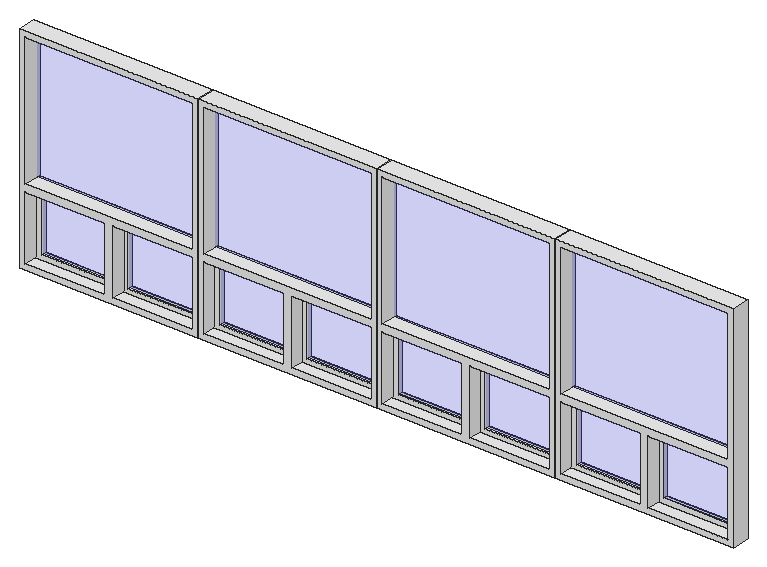
Revit family
Parameters (values of type "AW15")
  창 두께 = 150 mm
  창 패널 = AW14 창 패널
  창 프레임 = AW14 창 프레임
  폭 1 = Width / 4  # 1500 mm
  Height = 1800 mm
  절반 창 두께 = 창 두께 / 2  # 75 mm
  기본 씰 높이 = 900 mm
  Wall Closure = (empty or 0)
  Width = 6000 mm
Types (3, lengths in mm): name | Height
  (no name) | 1800
  AW14 | 1500
  AW15 | 1800
Reference planes
  plane 1: y = 0
  plane 2 "중심(왼쪽/오른쪽)": x = 0
  plane 3 "왼쪽": x = -3000
  plane 4 "오른쪽": x = 3000
  plane 5 "씰": z = 900
  plane 6 "헤드": z = 2700
  plane 7 "외부": y = 100
  plane 8 "내부": y = -100
  plane 9: y = 75
  plane 10: y = -75
  plane 11: y = 35
  plane 12: x = -2955
  plane 13: x = 2955
  plane 14: x = -2945
  plane 15: x = 2945
  plane 16: z = 1500
  plane 17: z = 1490
  plane 18: z = 1545
  plane 19: y = 55
  plane 20: y = 66
  plane 21: y = 44
  plane 22: y = -11
  plane 23: y = 11
  plane 24: x = -22.5
  plane 25: x = 22.5
  plane 26: x = -32.5
  plane 27: x = 32.5
  plane 28: x = -1500
  plane 29: x = 1500
  plane 30: x = -1532.5
  plane 31: x = -1467.5
  plane 32: x = -1522.5
  plane 33: x = -1477.5
  plane 34: x = 1467.5
  plane 35: x = 1532.5
  plane 36: x = 1477.5
  plane 37: x = 1522.5
  plane 38: x = 2250
  plane 39: x = 750
  plane 40: x = -750
  plane 41: x = -2250
  plane 42: x = -2282.5
  plane 43: x = -2217.5
  plane 44: x = -2272.5
  plane 45: x = -2227.5
  plane 46: x = -782.5
  plane 47: x = -717.5
  plane 48: x = -772.5
  plane 49: x = -727.5
  plane 50: x = 717.5
  plane 51: x = 782.5
  plane 52: x = 727.5
  plane 53: x = 772.5
  plane 54: x = 2217.5
  plane 55: x = 2282.5
  plane 56: x = 2227.5
  plane 57: x = 2272.5
  plane 58: x = 2625
  plane 59: x = 1875
  plane 60: x = 1125
  plane 61: x = 375
  plane 62: x = -375
  plane 63: x = -1125
  plane 64: x = -1875
  plane 65: x = -2625
Lines and regions (mm)
  symbolic lines
    curve 1: line (-3000, 75, 0) -> (3000, 75, 0)
    curve 2: line (-3000, -75, 0) -> (3000, -75, 0)
    curve 3: line (-3000, 100, 0) -> (-3000, -100, 0)
    curve 4: line (3000, 100, 0) -> (3000, -100, 0)
    curve 5: line (-1545, 75, 0) -> (-1545, -75, 0)
    curve 6: line (-1455, 75, 0) -> (-1455, -75, 0)
    curve 7: line (-45, 75, 0) -> (-45, -75, 0)
    curve 8: line (45, 75, 0) -> (45, -75, 0)
    curve 9: line (1455, 75, 0) -> (1455, -75, 0)
    curve 10: line (1545, 75, 0) -> (1545, -75, 0)
    curve 11: line (-3000, 0, 0) -> (-1545, 0, 0)
    curve 12: line (-1455, 0, 0) -> (-45, 0, 0)
    curve 13: line (45, 0, 0) -> (1455, 0, 0)
    curve 14: line (1545, 0, 0) -> (3000, 0, 0)
Text (mm)
  text "외부" at (-1963.203, 1332.353, 0), in view "참조 레벨"
  text "내부" at (-1981.466, -818.386, 0), in view "참조 레벨"
  text "외부" at (0, 923.751, 2943.296), in view "오른쪽"
  text "외부" at (0, 1040.484, 2685.409), in view "왼쪽"
Dimensions and locks
  equal spacing: plane 3 "왼쪽", plane 2 "중심(왼쪽/오른쪽)", plane 4 "오른쪽"
  "Width": plane 3 "왼쪽" to plane 4 "오른쪽"
  "Height": plane 5 "씰" to plane 6 "헤드"
  "기본 씰 높이": plane 5 "씰" to level
  locked: plane 7 "외부" to host wall at 0
  locked: plane 8 "내부" to host wall
  plane 17 to plane 16 to plane 18 = 10 mm locked, 45 mm locked
  plane 9 to plane 19 to plane 11 = 20 mm locked, 20 mm locked
  plane 20 to plane 19 to plane 21 = 11 mm locked, 11 mm locked
  plane 23 to host wall to plane 22 = 11 mm locked, 11 mm locked
  plane 3 "왼쪽" to plane 12 to plane 14 = 45 mm locked, 10 mm locked
  plane 15 to plane 13 to plane 4 "오른쪽" = 10 mm locked, 45 mm locked
  plane 24 to plane 2 "중심(왼쪽/오른쪽)" to plane 25 = 22.5 mm locked, 22.5 mm locked
  locked: plane 26 to plane 24 at 10
  locked: plane 25 to plane 27 at 10
  locked: plane 5 "씰" to plane 16 at 600
  equal spacing: plane 3 "왼쪽", plane 28, plane 2 "중심(왼쪽/오른쪽)"
  equal spacing: plane 2 "중심(왼쪽/오른쪽)", plane 29, plane 4 "오른쪽"
  plane 30 to plane 32 to plane 28 to plane 33 to plane 31 = 10 mm locked, 22.5 mm locked, 22.5 mm locked, 10 mm locked
  plane 34 to plane 36 to plane 29 to plane 37 to plane 35 = 10 mm locked, 22.5 mm locked, 22.5 mm locked, 10 mm locked
  equal spacing: plane 2 "중심(왼쪽/오른쪽)", plane 40, plane 28
  equal spacing: plane 28, plane 41, plane 3 "왼쪽"
  equal spacing: plane 29, plane 38, plane 4 "오른쪽"
  equal spacing: plane 2 "중심(왼쪽/오른쪽)", plane 39, plane 29
  plane 42 to plane 44 to plane 41 to plane 45 to plane 43 = 10 mm locked, 22.5 mm locked, 22.5 mm locked, 10 mm locked
  plane 46 to plane 48 to plane 40 to plane 49 to plane 47 = 10 mm locked, 22.5 mm locked, 22.5 mm locked, 10 mm locked
  plane 50 to plane 52 to plane 39 to plane 53 to plane 51 = 10 mm locked, 22.5 mm locked, 22.5 mm locked, 10 mm locked
  plane 54 to plane 56 to plane 38 to plane 57 to plane 55 = 10 mm locked, 22.5 mm locked, 22.5 mm locked, 10 mm locked
  equal spacing: plane 38, plane 58, plane 4 "오른쪽"
  equal spacing: plane 38, plane 59, plane 29
  equal spacing: plane 39, plane 60, plane 29
  equal spacing: plane 39, plane 61, plane 2 "중심(왼쪽/오른쪽)"
  equal spacing: plane 2 "중심(왼쪽/오른쪽)", plane 62, plane 40
  equal spacing: plane 40, plane 63, plane 28
  equal spacing: plane 41, plane 64, plane 28
  equal spacing: plane 41, plane 65, plane 3 "왼쪽"
  "절반 창 두께": plane 9 to host wall
  "절반 창 두께": plane 10 to host wall
  equal spacing: group 2, group 4, group 3, group 1
  equal spacing: group 1, group 3, group 4, group 2  (x2)
  aligned and locked: plane 4 "오른쪽" to nested 1
  aligned and locked: nested 1 to plane 5 "씰"
  aligned and locked: nested 2 to plane 5 "씰"
  aligned and locked: plane 28 to nested 4
  aligned and locked: plane 3 "왼쪽" to curve 1
  aligned and locked: plane 4 "오른쪽" to curve 1
  aligned and locked: curve 1 to plane 9
  aligned and locked: curve 2 to plane 10
  aligned and locked: curve 3 to plane 7 "외부"
  aligned and locked: curve 3 to plane 8 "내부"
  aligned and locked: plane 3 "왼쪽" to curve 3
  aligned and locked: plane 7 "외부" to curve 4
  aligned and locked: plane 8 "내부" to curve 4
  aligned and locked: plane 4 "오른쪽" to curve 4
  aligned and locked: plane 9 to curve 5
  aligned and locked: plane 10 to curve 5
  aligned and locked: nested 2 to curve 5
  aligned and locked: nested 4 to curve 6
  aligned and locked: nested 4 to curve 7
  aligned and locked: nested 3 to curve 8
  aligned and locked: nested 3 to curve 9
  aligned and locked: nested 1 to curve 10
  aligned and locked: curve 5 to curve 11
  aligned and locked: host wall to curve 11
  aligned and locked: curve 6 to curve 12
  aligned and locked: curve 7 to curve 12
  aligned and locked: host wall to curve 12
  aligned and locked: curve 8 to curve 13
  aligned and locked: curve 9 to curve 13
  aligned and locked: host wall to curve 13
  aligned and locked: curve 10 to curve 14
  aligned and locked: host wall to curve 14
Nested families
  nested 1: "AW9 2" at (2250, 0, 300) x (-1, 0, 0) z (0, 0, 1), type "AW9"
    with Height 1800 mm
  nested 2: "AW9 2" at (-2250, 0, 300) x (-1, 0, 0) z (0, 0, 1), type "AW9"
    with Height 1800 mm
  nested 3: "AW9 2" at (750, 0, 300) x (-1, 0, 0) z (0, 0, 1), type "AW9"
    with Height 1800 mm
  nested 4: "AW9 2" at (-750, 0, 300) x (-1, 0, 0) z (0, 0, 1), type "AW9"
    with Height 1800 mm
Definition of nested family "AW9 2"
  Parameters (values of type "AW9")
    창 두께 = 150 mm
    창 패널 = AW26 창 패널
    창 프레임 = AW26 창 프레임
    Height = 2100 mm
    절반 창 두께 = 창 두께 / 2  # 75 mm
    기본 씰 높이 = 600 mm
    Wall Closure = (empty or 0)
    Width = 1500 mm
    Assembly Code = ""
  Types (3, lengths in mm): name | Width
    AW9 | 1500
    AW9 2 | 1600
    AW9 1 | 4500
  Reference planes
    plane 1: y = 0
    plane 2 "중심(왼쪽/오른쪽)": x = 0
    plane 3 "왼쪽": x = -750
    plane 4 "오른쪽": x = 750
    plane 5 "씰": z = 600
    plane 6 "헤드": z = 2700
    plane 7 "외부": y = 100
    plane 8 "내부": y = -100
    plane 9: y = 75
    plane 10: y = -75
    plane 11: y = 35
    plane 12: x = -705
    plane 13: x = 705
    plane 14: x = -695
    plane 15: x = 695
    plane 16: z = 1200
    plane 17: z = 1190
    plane 18: z = 1245
    plane 19: y = 55
    plane 20: y = 66
    plane 21: y = 44
    plane 22: y = -11
    plane 23: y = 11
    plane 24: x = -22.5
    plane 25: x = 22.5
    plane 26: x = -32.5
    plane 27: x = 32.5
    plane 28: z = 2655
    plane 29: z = 645
    plane 30: x = 655
    plane 31: z = 1150
    plane 32: x = -655
    plane 33: z = 685
    plane 34: x = 72.5
    plane 35: x = -72.5
    plane 36: x = 368.75
    plane 37: x = -368.75
  Forms (mm)
    Extrusion 1, solid, material "AW26 창 프레임" <- "창 프레임"
      sketch origin (-2000, 75, 1000) x (-1, 0, 0) y (0, 0, 1)
        loop
          line (-2750, 1700) -> (-2750, -400) -> (-1250, -400) -> (-1250, 1700) -> (-2750, 1700)
        loop
          line (-2705, 1655) -> (-2705, 245) -> (-1295, 245) -> (-1295, 1655) -> (-2705, 1655)
        loop
          line (-2705, -355) -> (-2032.5, -355) -> (-2032.5, 190) -> (-2705, 190) -> (-2705, -355)
        loop
          line (-1295, -355) -> (-1295, 190) -> (-1967.5, 190) -> (-1967.5, -355) -> (-1295, -355)
      from -150 to 0
    Extrusion 2, solid, material "AW26 창 프레임" <- "창 프레임"
      sketch origin (-2000, 75, 1000) x (-1, 0, 0) y (0, 0, 1)
        loop
          line (-2705, 190) -> (-2705, -355) -> (-2032.5, -355) -> (-2032.5, 190) -> (-2705, 190)
        loop
          line (-1967.5, 190) -> (-1967.5, -355) -> (-1295, -355) -> (-1295, 190) -> (-1967.5, 190)
        loop
          line (-2655, 150) -> (-2655, -315) -> (-2072.5, -315) -> (-2072.5, 150) -> (-2655, 150)
        loop
          line (-1927.5, 150) -> (-1927.5, -315) -> (-1345, -315) -> (-1345, 150) -> (-1927.5, 150)
      from -40 to 0
    Extrusion 3, solid, material "AW26 창 패널" <- "창 패널"
      sketch origin (-2000, 75, 1000) x (-1, 0, 0) y (0, 0, 1)
        loop
          line (-2705, 1655) -> (-2705, 245) -> (-1295, 245) -> (-1295, 1655) -> (-2705, 1655)
        loop
          line (-2655, 150) -> (-2655, -315) -> (-2072.5, -315) -> (-2072.5, 150) -> (-2655, 150)
        loop
          line (-1927.5, 150) -> (-1927.5, -315) -> (-1345, -315) -> (-1345, 150) -> (-1927.5, 150)
      from -31 to -9
  Lines and regions (mm)
    Opening 1
      outline origin (3500, -100, 0) x (1, 0, 0) y (0, 0, 1)
        loop
          line (-2750, 600) -> (-2750, 2700) -> (-4250, 2700) -> (-4250, 600) -> (-2750, 600)
    symbolic lines, style "입면도 스윙"
      curve 1: line (368.75, 75, 1190) -> (705, 75, 645)
      curve 2: line (368.75, 75, 1190) -> (32.5, 75, 645)
      curve 3: line (-32.5, 75, 645) -> (-368.75, 75, 1190)
      curve 4: line (-368.75, 75, 1190) -> (-705, 75, 645)
    symbolic lines
      curve 5: line (-750, 75, 0) -> (750, 75, 0)
      curve 6: line (-705, 0, 0) -> (705, 0, 0)
      curve 7: line (-750, -75, 0) -> (750, -75, 0)
      curve 8: line (-705, 75, 0) -> (-705, -75, 0)
      curve 9: line (705, 75, 0) -> (705, -75, 0)
  Text (mm)
    text "외부" at (-1963.203, 1332.353, 0), in view "참조 레벨"
    text "내부" at (-1981.466, -818.386, 0), in view "참조 레벨"
    text "외부" at (0, 923.751, 2943.296), in view "오른쪽"
    text "외부" at (0, 1040.484, 2685.409), in view "왼쪽"
  Dimensions and locks
    equal spacing: plane 3 "왼쪽", plane 2 "중심(왼쪽/오른쪽)", plane 4 "오른쪽"
    "Width": plane 3 "왼쪽" to plane 4 "오른쪽"
    "Height": plane 5 "씰" to plane 6 "헤드"
    locked: plane 7 "외부" to host wall at 0
    locked: plane 8 "내부" to host wall
    plane 17 to plane 16 to plane 18 = 10 mm locked, 45 mm locked
    plane 9 to plane 19 to plane 11 = 20 mm locked, 20 mm locked
    plane 20 to plane 19 to plane 21 = 11 mm locked, 11 mm locked
    plane 23 to host wall to plane 22 = 11 mm locked, 11 mm locked
    plane 3 "왼쪽" to plane 12 to plane 14 = 45 mm locked, 10 mm locked
    plane 15 to plane 13 to plane 4 "오른쪽" = 10 mm locked, 45 mm locked
    plane 24 to plane 2 "중심(왼쪽/오른쪽)" to plane 25 = 22.5 mm locked, 22.5 mm locked
    locked: plane 26 to plane 24 at 10
    locked: plane 25 to plane 27 at 10
    locked: plane 5 "씰" to plane 16 at 600
    "절반 창 두께": plane 9 to plane 1
    "절반 창 두께": plane 10 to plane 1
    "기본 씰 높이": level to plane 5 "씰"
    locked: plane 28 to plane 6 "헤드" at 45
    locked: plane 5 "씰" to plane 29 at 45
    locked: plane 30 to plane 15 at 40
    locked: plane 31 to plane 17 at 40
    locked: plane 14 to plane 32 at 40
    locked: plane 29 to plane 33 at 40
    locked: plane 34 to plane 27 at 40
    locked: plane 26 to plane 35 at 40
    equal spacing: plane 27, plane 36, plane 13
    equal spacing: plane 26, plane 37, plane 12
    aligned and locked: plane 6 "헤드" to Extrusion 1 sketch curve
    aligned and locked: plane 4 "오른쪽" to Extrusion 1 sketch curve
    aligned and locked: Extrusion 1 sketch curve to plane 5 "씰"
    aligned and locked: Extrusion 1 sketch curve to plane 3 "왼쪽"
    aligned and locked: Extrusion 1 sketch curve to plane 28
    aligned and locked: plane 13 to Extrusion 1 sketch curve  (x2)
    aligned and locked: plane 29 to Extrusion 1 sketch curve  (x2)
    aligned and locked: Extrusion 1 sketch curve to plane 12
    aligned and locked: plane 18 to Extrusion 1 sketch curve
    aligned and locked: plane 12 to Extrusion 1 sketch curve
    aligned and locked: plane 17 to Extrusion 1 sketch curve  (x2)
    aligned and locked: plane 27 to Extrusion 1 sketch curve
    aligned and locked: plane 26 to Extrusion 1 sketch curve
    aligned and locked: Extrusion 1 to plane 10
    aligned and locked: plane 9 to Extrusion 1
    aligned and locked: plane 17 to Extrusion 2 sketch curve  (x2)
    aligned and locked: plane 13 to Extrusion 2 sketch curve
    aligned and locked: plane 29 to Extrusion 2 sketch curve  (x2)
    aligned and locked: plane 27 to Extrusion 2 sketch curve
    aligned and locked: Extrusion 2 sketch curve to plane 31  (x2)
    aligned and locked: Extrusion 2 sketch curve to plane 30
    aligned and locked: plane 33 to Extrusion 2 sketch curve  (x2)
    aligned and locked: Extrusion 2 sketch curve to plane 34
    aligned and locked: Extrusion 2 sketch curve to plane 26
    aligned and locked: Extrusion 2 sketch curve to plane 12
    aligned and locked: Extrusion 2 sketch curve to plane 35
    aligned and locked: Extrusion 2 sketch curve to plane 32
    aligned and locked: Extrusion 2 to plane 9
    aligned and locked: Extrusion 2 to plane 11
    aligned and locked: Extrusion 3 sketch curve to plane 28
    aligned and locked: plane 13 to Extrusion 3 sketch curve
    aligned and locked: Extrusion 3 sketch curve to plane 18
    aligned and locked: Extrusion 3 sketch curve to plane 12
    aligned and locked: Extrusion 3 sketch curve to plane 31  (x2)
    aligned and locked: Extrusion 3 sketch curve to plane 30
    aligned and locked: plane 33 to Extrusion 3 sketch curve  (x2)
    aligned and locked: Extrusion 3 sketch curve to plane 34
    aligned and locked: Extrusion 3 sketch curve to plane 35
    aligned and locked: Extrusion 3 sketch curve to plane 32
    aligned and locked: Extrusion 3 to plane 21
    aligned and locked: plane 20 to Extrusion 3
    aligned and locked: plane 36 to curve 1
    aligned and locked: plane 29 to curve 1
    aligned and locked: plane 13 to curve 1
    aligned and locked: plane 17 to curve 2
    aligned and locked: plane 27 to curve 2
    aligned and locked: plane 29 to curve 2
    aligned and locked: plane 17 to curve 3
    aligned and locked: plane 37 to curve 3
    aligned and locked: plane 29 to curve 3
    aligned and locked: plane 26 to curve 3
    aligned and locked: plane 29 to curve 4
    aligned and locked: plane 12 to curve 4
    aligned and locked: plane 3 "왼쪽" to curve 5
    aligned and locked: plane 3 "왼쪽" to curve 7
    aligned and locked: plane 12 to curve 6
    aligned and locked: plane 4 "오른쪽" to curve 5
    aligned and locked: plane 4 "오른쪽" to curve 7
    aligned and locked: plane 13 to curve 6
    aligned and locked: plane 13 to curve 9
    aligned and locked: plane 9 to curve 8
    aligned and locked: plane 10 to curve 8
    aligned and locked: plane 12 to curve 8
    aligned and locked: curve 5 to plane 9
    aligned and locked: curve 7 to plane 10
    aligned and locked: host wall to curve 6
  Automatic sketch dimensions
    Opening 1 sketch curve to plane 3 "왼쪽" = 0 mm
    Opening 1 sketch curve to plane 4 "오른쪽" = 0 mm
    Opening 1 sketch curve to plane 5 "씰" = 0 mm
    Opening 1 sketch curve to plane 6 "헤드" = 0 mm
    Extrusion 1 sketch curve to plane 17 = 0 mm
    Extrusion 1 sketch curve to plane 29 = 0 mm
